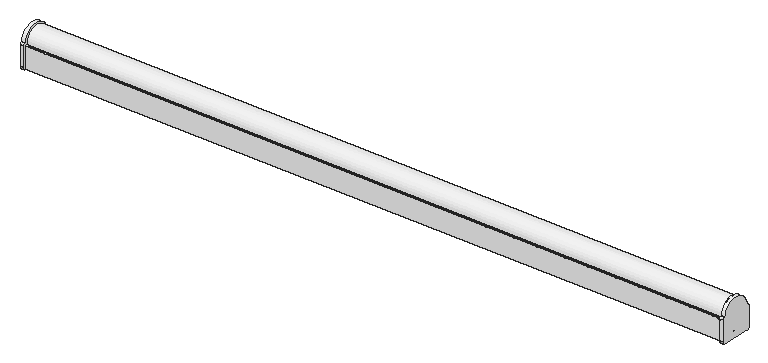
Revit family "0045199 Feilo Sylvania Lighting Fixture SYLBATTEN LED8 6000K DALI TP5 ", category Lighting Fixtures, host Face, Revit 2017
Family settings
  Host = Face
  Round Connector Dimension = Use Diameter
  Part Type = Normal
  OmniClass Number = 23.80.70.00
  OmniClass Title = Lighting
  Cut with Voids When Loaded = No
  Light Source = Yes
  Shared = No
  Room Calculation Point = No
Parameters (values of type "0045199 SYLBATTEN LED8 6000K DALI TP5")
  Width_FEILO = 66 mm
  Weight = "3.21 kg"
  Wattage Comments = "n/a"
  Wattage = 79 W
  WarrantyStartDate [instance] = "n/a"
  WarrantyGuarantorParts = "n/a"
  WarrantyDurationUnit = "n/a"
  WarrantyDurationParts = "n/a"
  WarrantyDescription = "n/a"
  built-in parameter 1150110 = 1 (stored number, unit not read)
  Voltage = 230 V
  URL = "http://www.sylvania-lighting.com"
  TypeName = "SYLBATTEN LED8 6000K DALI TP5"
  Type Image = <None>
  Type Comments = "n/a"
  built-in parameter 1114217 = 1 (stored number, unit not read)
  Tilt Angle = -90.00°
  built-in parameter 1150109 = 1 (stored number, unit not read)
  built-in parameter 1150134 = 5
  SymReflector_FEILO = no
  built-in parameter 1150113 = 1 (stored number, unit not read)
  SerialNumber [instance] = "n/a"
  PowerFactor = 0
  PowerConsumption = "79 W"
  Photometric Web File = "0045199.ies"
  NominalLength = 1505 mm
  NominalHeight = 76 mm
  NominalDepth = 66 mm
  Name = "SYLBATTEN LED8 6000K DALI TP5"
  ModelReference = Name  # "SYLBATTEN LED8 6000K DALI TP5"
  ModelNumber = "0045199"
  Model = Name  # "SYLBATTEN LED8 6000K DALI TP5"
  Material_4_FEILO = Reflector-Sylvania-Sylbatten-White
  Material_3_FEILO = Diffuser-Sylvania-Sylbatten-Glow
  Material_2_FEILO = Body-Sylvania-Sylbatten-White
  Material_1_FEILO = Body-Sylvania-Sylbatten-White
  Material = "sheet steel housing, polycarbonate diffuser"
  ManufacturerName = "Feilo Sylvania"
  Manufacturer = "Feilo Sylvania"
  LuminousEfficacy = "110.4 lm/W"
  built-in parameter 1150105 = 694.23 (stored number, unit not read)
  Lumens = 8723.97 lm
  LuminaireType = ""
  built-in parameter 1150115 = 1 (stored number, unit not read)
  LightOutputRatio = "100"
  built-in parameter 1150137 = (empty or 0)
  built-in parameter 1150139 = (empty or 0)
  Length_FEILO = 1505 mm
  LampsType = Lamp  # "LED"
  LampNominalLuminous = "8724 lm"
  LampMacAdamStep = "n/a"
  LampColourTemperature = "6000 K"
  LampColourRenderingIndex = "80"
  built-in parameter 1150112 = 1 (stored number, unit not read)
  built-in parameter 1150114 = 1 (stored number, unit not read)
  Lamp = "LED"
  Keynote = "16500"
  InstallationDate [instance] = "n/a"
  InputVoltage = "220-240V~"
  InputNominalFrequency = "n/a"
  built-in parameter 1150132 = (empty or 0)
  built-in parameter 1150102 = (empty or 0)
  built-in parameter 1150107 = 6000 (stored number, unit not read)
  built-in parameter 1150138 = (empty or 0)
  IngressProtection = "IP20"
  ImpactProtectionIndex = "IK07"
  built-in parameter 1150106 = 6.9423 (stored number, unit not read)
  IfcExportType = "IfcLightFixtureType"
  IfcExportAs = "IfcLightFixtureType"
  Height_FEILO = 76 mm
  ExpectedLife = 50000
  Emit from Rectangle Width = Length_FEILO - 16 mm  # 1489 mm
  Emit from Rectangle Length = Width_FEILO - 40 mm  # 26 mm
  Emit Shape Visible in Rendering = no
  ElectricShockClassification = "Class I"
  built-in parameter 1150104 = 10.259 (stored number, unit not read)
  DurationUnit = "hours"
  DocumentationLiterature = "http://www.sylvania-lighting.com/product/en-int/products/0045199"
  DimmingControlOptions = "Dimmable"
  Dimming Lamp Color Temperature Shift = <None>
  Description = "LED batten, T8 replacement, ease of installation through 2 part push-in design of the housing (safety cable included), through wiring capability (TP5 = 5 core), sheet steel, 8724LM, 79W, 110lm/W, 6000K, drive current: 450mA, CRI 80, 138° wide beam angle, DALI dimmable, IP20, IK07, 50,000 hrs (L70), (LxWxH) 1505x66x76mm, 5 step MacAdam ellipse, 3.7kg, white RAL 9016, Class 1, 220-240V, energy class: A++, A+, A."
  Default Elevation = 1219.2 mm
  CreatedOn = "2/22/2018"
  CreatedBy = ""
  Cost = 0
  Color Filter = 16777215
  built-in parameter 1114216 [instance] = (empty or 0)
  ClassificationValue = "EF_70_80"
  ClassificationName = "Uniclass2015"
  CapOffset_FEILO = 2 mm
  BarCode [instance] = "n/a"
  built-in parameter 1114218 = 1 (stored number, unit not read)
  BackReflector_FEILO = and(not(AsymReflector_FEILO), SymReflector_FEILO)  # no
  built-in parameter 1150133 = 10 (stored number, unit not read)
  FrontReflector_FEILO = or(AsymReflector_FEILO, SymReflector_FEILO)  # no
  AsymReflector_FEILO = no
  AssetType = "Fixed"
  AssetIdentifier [instance] = "n/a"
  Assembly Code = "D5020200"
  Apparent Load = 79 VA
Reference planes
  plane 1 "Center (Front/Back)": y = 0
  plane 2: z = 0
  plane 3 "Center (Left/Right)": x = 0
  plane 4: x = 752.5
  plane 5: x = -752.5
  plane 6: y = 33
  plane 7: y = -33
  plane 8: z = 76
  plane 9: z = 47
  plane 10: y = -29
  plane 11: y = 29
  plane 12: z = 20
  plane 13: z = 74
  plane 14: y = -31
  plane 15: y = -27
  plane 16: y = 27
  plane 17: y = 31
  plane 18: z = 2
  plane 19: x = -744.5
  plane 20: x = 744.5
  plane 21: z = 49
  plane 22: y = 1
  plane 23: y = -1
  plane 24: z = 21
  plane 25: z = 19
  plane 26: y = -61
  plane 27: y = 61
  plane 28: y = -56
  plane 29: y = 56
  plane 30: z = 91
  plane 31: z = 88
Forms (mm)
  Extrusion 1, solid, material "Body-Sylvania-Sylbatten-White" <- "Material_2_FEILO"
    sketch origin (0, 0, 0) x (0, 1, 0) y (0, 0, 1)
      loop
        line (-31, 2) -> (31, 2) -> (31, 45)
        arc (31, 45) -> (30.414, 46.414) -> (29, 47) r 2
        line (29, 47) -> (27, 47)
        arc (27, 47) -> (0, 74) -> (-27, 47) r 27
        line (-27, 47) -> (-29, 47)
        arc (-29, 47) -> (-30.414, 46.414) -> (-31, 45) r 2
        line (-31, 45) -> (-31, 2)
    from -744.5 to 744.5
  Extrusion 2, solid, material "Body-Sylvania-Sylbatten-White" <- "Material_2_FEILO"
    sketch origin (752.5, 1524, 1219.2) x (0, 1, 0) y (0, 0, 1)
      loop
        arc (-1494, -1219.2) -> (-1491.879, -1218.321) -> (-1491, -1216.2) r 3
        line (-1491, -1216.2) -> (-1491, -1173.2)
        arc (-1491, -1173.2) -> (-1491.879, -1171.079) -> (-1494, -1170.2) r 3
        line (-1494, -1170.2) -> (-1495.069, -1170.2)
        arc (-1495.069, -1170.2) -> (-1524, -1143.2) -> (-1552.931, -1170.2) r 29
        line (-1552.931, -1170.2) -> (-1554, -1170.2)
        arc (-1554, -1170.2) -> (-1556.121, -1171.079) -> (-1557, -1173.2) r 3
        line (-1557, -1173.2) -> (-1557, -1216.2)
        arc (-1557, -1216.2) -> (-1556.121, -1218.321) -> (-1554, -1219.2) r 3
        line (-1554, -1219.2) -> (-1494, -1219.2)
      loop
        arc (-1525, -1189.25) -> (-1531.071, -1192.129) -> (-1533.95, -1198.2) r 10
        line (-1533.95, -1198.2) -> (-1532.944, -1198.2)
        arc (-1532.944, -1198.2) -> (-1530.364, -1192.836) -> (-1525, -1190.256) r 9
        line (-1525, -1190.256) -> (-1525, -1189.25)
      loop
        arc (-1523, -1190.256) -> (-1517.636, -1192.836) -> (-1515.056, -1198.2) r 9
        line (-1515.056, -1198.2) -> (-1514.05, -1198.2)
        arc (-1514.05, -1198.2) -> (-1516.929, -1192.129) -> (-1523, -1189.25) r 10
        line (-1523, -1189.25) -> (-1523, -1190.256)
      loop
        line (-1532.944, -1200.2) -> (-1533.95, -1200.2)
        arc (-1533.95, -1200.2) -> (-1531.071, -1206.271) -> (-1525, -1209.15) r 10
        line (-1525, -1209.15) -> (-1525, -1208.144)
        arc (-1525, -1208.144) -> (-1530.364, -1205.564) -> (-1532.944, -1200.2) r 9
      loop
        arc (-1515.056, -1200.2) -> (-1517.636, -1205.564) -> (-1523, -1208.144) r 9
        line (-1523, -1208.144) -> (-1523, -1209.15)
        arc (-1523, -1209.15) -> (-1516.929, -1206.271) -> (-1514.05, -1200.2) r 10
        line (-1514.05, -1200.2) -> (-1515.056, -1200.2)
    from 0 to -8
  Extrusion 3, solid, material "Body-Sylvania-Sylbatten-White" <- "Material_2_FEILO"
    sketch origin (-752.5, 1524, 1219.2) x (0, 1, 0) y (0, 0, 1)
      loop
        arc (-1495.069, -1170.2) -> (-1524, -1143.2) -> (-1552.931, -1170.2) r 29
        line (-1552.931, -1170.2) -> (-1554, -1170.2)
        arc (-1554, -1170.2) -> (-1556.121, -1171.079) -> (-1557, -1173.2) r 3
        line (-1557, -1173.2) -> (-1557, -1216.2)
        arc (-1557, -1216.2) -> (-1556.121, -1218.321) -> (-1554, -1219.2) r 3
        line (-1554, -1219.2) -> (-1494, -1219.2)
        arc (-1494, -1219.2) -> (-1491.879, -1218.321) -> (-1491, -1216.2) r 3
        line (-1491, -1216.2) -> (-1491, -1173.2)
        arc (-1491, -1173.2) -> (-1491.879, -1171.079) -> (-1494, -1170.2) r 3
        line (-1494, -1170.2) -> (-1495.069, -1170.2)
      loop
        line (-1533.95, -1198.2) -> (-1532.944, -1198.2)
        arc (-1532.944, -1198.2) -> (-1530.364, -1192.836) -> (-1525, -1190.256) r 9
        line (-1525, -1190.256) -> (-1525, -1189.25)
        arc (-1525, -1189.25) -> (-1531.071, -1192.129) -> (-1533.95, -1198.2) r 10
      loop
        line (-1523, -1189.25) -> (-1523, -1190.256)
        arc (-1523, -1190.256) -> (-1517.636, -1192.836) -> (-1515.056, -1198.2) r 9
        line (-1515.056, -1198.2) -> (-1514.05, -1198.2)
        arc (-1514.05, -1198.2) -> (-1516.929, -1192.129) -> (-1523, -1189.25) r 10
      loop
        line (-1514.05, -1200.2) -> (-1515.056, -1200.2)
        arc (-1515.056, -1200.2) -> (-1517.636, -1205.564) -> (-1523, -1208.144) r 9
        line (-1523, -1208.144) -> (-1523, -1209.15)
        arc (-1523, -1209.15) -> (-1516.929, -1206.271) -> (-1514.05, -1200.2) r 10
      loop
        line (-1525, -1209.15) -> (-1525, -1208.144)
        arc (-1525, -1208.144) -> (-1530.364, -1205.564) -> (-1532.944, -1200.2) r 9
        line (-1532.944, -1200.2) -> (-1533.95, -1200.2)
        arc (-1533.95, -1200.2) -> (-1531.071, -1206.271) -> (-1525, -1209.15) r 10
    from 0 to 8
  Extrusion 4, solid, material "Reflector-Sylvania-Sylbatten-White" <- "Material_4_FEILO", visible <- "FrontReflector_FEILO"
    sketch origin (0, 0, 0) x (0, 1, 0) y (0, 0, 1)
      loop
        line (-61.257, 88.429) -> (-60.743, 87.571) -> (-56.621, 90.044)
        arc (-56.621, 90.044) -> (-56.237, 90.099) -> (-55.929, 89.863) r 0.5
        line (-55.929, 89.863) -> (-31.435, 46.753) -> (-30.565, 47.247) -> (-55.312, 90.802)
        arc (-55.312, 90.802) -> (-55.928, 91.275) -> (-56.696, 91.165) r 1
        line (-56.696, 91.165) -> (-61.257, 88.429)
    from -744.5 to 744.5
  Extrusion 5, solid, material "Reflector-Sylvania-Sylbatten-White" <- "Material_4_FEILO", visible <- "BackReflector_FEILO"
    sketch origin (0, 0, 0) x (0, 1, 0) y (0, 0, 1)
      loop
        line (30.565, 47.247) -> (31.435, 46.753) -> (55.932, 89.868)
        arc (55.932, 89.868) -> (56.245, 90.112) -> (56.638, 90.062) r 0.518
        line (56.638, 90.062) -> (61.033, 87.565) -> (61.527, 88.435) -> (56.682, 91.188)
        arc (56.682, 91.188) -> (55.922, 91.282) -> (55.318, 90.812) r 1
        line (55.318, 90.812) -> (30.565, 47.247)
    from -744.5 to 744.5
Lines and regions (mm)
  reference lines
    curve 1: line (0, -61, 88) -> (0, -56, 91)
    curve 2: line (0, -56, 91) -> (0, -31, 47)
    curve 3: line (0, 31, 47) -> (0, 56, 91)
    curve 4: line (0, 56, 91) -> (0, 61.28, 88)
Dimensions and locks
  equal spacing: plane 5, plane 3 "Center (Left/Right)", plane 4
  equal spacing: plane 7, plane 1 "Center (Front/Back)", plane 6
  "Width_FEILO": plane 7 to plane 6
  "Length_FEILO": plane 5 to plane 4
  "Height_FEILO": plane 8 to plane 2
  locked: plane 9 to plane 8 at 29
  equal spacing: plane 10, plane 1 "Center (Front/Back)", plane 11
  locked: plane 7 to plane 10 at 4
  locked: plane 12 to plane 2 at 20
  "CapOffset_FEILO": plane 13 to plane 8
  "CapOffset_FEILO": plane 7 to plane 14
  "CapOffset_FEILO": plane 10 to plane 15
  "CapOffset_FEILO": plane 17 to plane 6
  "CapOffset_FEILO": plane 16 to plane 11
  "CapOffset_FEILO": plane 18 to plane 2
  locked: plane 14 to Extrusion 1 sketch curve at 2
  locked: Extrusion 1 sketch curve to plane 9 at 2  (x2)
  locked: plane 16 to Extrusion 1 sketch curve at 2
  equal spacing: plane 19, plane 3 "Center (Left/Right)", plane 20
  locked: plane 5 to plane 19 at 8
  "CapOffset_FEILO": plane 9 to plane 21
  locked: Extrusion 2 sketch curve to plane 2 at 47
  locked: Extrusion 1 sketch curve to plane 2 at 47
  locked: Extrusion 2 sketch curve to plane 2 at 3  (x2)
  locked: plane 7 to Extrusion 2 sketch curve at 3  (x2)
  locked: Extrusion 2 sketch curve to plane 6 at 3  (x2)
  locked: Extrusion 2 sketch curve to plane 21 at 3  (x2)
  equal spacing: plane 23, plane 1 "Center (Front/Back)", plane 22
  equal spacing: plane 25, plane 12, plane 24
  plane 30 to plane 31 to plane 2 = 3 mm locked, 88 mm locked
  plane 28 to plane 29 = 112 mm
  plane 26 to plane 27 = 122 mm
  aligned and locked: plane 2 to host face
  aligned and locked: level to host face
  aligned and locked: plane 18 to Extrusion 1 sketch curve
  aligned and locked: plane 14 to Extrusion 1 sketch curve
  aligned and locked: Extrusion 1 sketch curve to plane 9  (x2)
  aligned and locked: Extrusion 1 sketch curve to plane 17
  aligned and locked: plane 15 to Extrusion 1 sketch curve
  aligned and locked: plane 16 to Extrusion 1 sketch curve
  aligned and locked: plane 9 to Extrusion 1 sketch curve
  aligned and locked: plane 20 to Extrusion 1
  aligned and locked: level to Extrusion 2 sketch curve
  aligned and locked: Extrusion 2 sketch curve to plane 7
  aligned and locked: plane 21 to Extrusion 2 sketch curve
  aligned and locked: Extrusion 2 sketch curve to plane 21
  aligned and locked: plane 1 "Center (Front/Back)" to Extrusion 2 sketch curve  (x3)
  aligned and locked: Extrusion 2 to Extrusion 1
  aligned and locked: plane 4 to Extrusion 2
  aligned and locked: plane 12 to Extrusion 2 sketch curve  (x2)
  aligned and locked: Extrusion 2 sketch curve to plane 22
  aligned and locked: Extrusion 2 sketch curve to plane 23
  aligned and locked: Extrusion 2 sketch curve to plane 24
  aligned and locked: Extrusion 2 sketch curve to plane 25
  aligned and locked: plane 25 to Extrusion 2 sketch curve
  aligned and locked: plane 22 to Extrusion 2 sketch curve
  aligned and locked: plane 24 to Extrusion 2 sketch curve
  aligned and locked: plane 23 to Extrusion 2 sketch curve  (x2)
  aligned and locked: Extrusion 3 sketch curve to Extrusion 2  (x22)
  aligned and locked: Extrusion 3 to Extrusion 1
  aligned and locked: Extrusion 3 to plane 5
  aligned and locked: plane 19 to Extrusion 3
  aligned and locked: plane 31 to curve 1
  aligned and locked: plane 30 to curve 1
  aligned and locked: plane 14 to curve 2
  aligned and locked: plane 9 to curve 2
  aligned and locked: plane 17 to curve 3
  aligned and locked: plane 30 to curve 3
  aligned and locked: plane 31 to curve 4
  aligned and locked: Extrusion 4 sketch curve to curve 2
  aligned and locked: Extrusion 4 sketch curve to curve 1
  aligned and locked: Extrusion 4 to Extrusion 1
  aligned and locked: Extrusion 1 to Extrusion 4
  aligned and locked: imposter light to plane 1 "Center (Front/Back)"
  aligned and locked: imposter light to plane 3 "Center (Left/Right)"
  aligned and locked: imposter light to plane 13
  aligned and locked: Extrusion 5 sketch curve to curve 4
  aligned and locked: Extrusion 5 sketch curve to curve 3
  aligned and locked: Extrusion 1 to Extrusion 5
  aligned and locked: Extrusion 5 to Extrusion 1
Automatic sketch dimensions
  host sketch curve to host sketch curve = 2438.4 mm  (x2)
  Extrusion 2 sketch curve to Extrusion 2 sketch curve = 0 mm  (x14)
  Extrusion 2 sketch curve to plane 10 = 0.069 mm
  plane 23 to Extrusion 2 sketch curve = 8.95 mm
  Extrusion 2 sketch curve to Extrusion 2 sketch curve = 1.006 mm  (x4)
  Extrusion 2 sketch curve to plane 22 = 7.944 mm
  curve 1 to plane 26 = 0 mm
  curve 2 to plane 28 = 0 mm
  curve 4 to plane 29 = 0 mm
  plane 9 to curve 3 = 0 mm
  plane 26 to Extrusion 4 sketch curve = 0.257 mm
  Extrusion 4 sketch curve to plane 26 = 0.257 mm
  Extrusion 4 sketch curve to plane 30 = 0.165 mm
  plane 28 to Extrusion 4 sketch curve = 0.696 mm
  plane 28 to Extrusion 4 sketch curve = 0.621 mm
  plane 28 to Extrusion 4 sketch curve = 0.364 mm
  plane 28 to Extrusion 4 sketch curve = 0.182 mm
  Extrusion 4 sketch curve to plane 28 = 0.071 mm
  plane 30 to Extrusion 4 sketch curve = 0.198 mm
  Extrusion 4 sketch curve to plane 28 = 0.688 mm
  plane 9 to Extrusion 4 sketch curve = 0.247 mm
  plane 1 "Center (Front/Back)" to Extrusion 4 sketch curve = 31.435 mm
  Extrusion 5 sketch curve to plane 9 = 0.247 mm
  Extrusion 5 sketch curve to plane 1 "Center (Front/Back)" = 30.565 mm
  plane 9 to Extrusion 5 sketch curve = 0.247 mm
  plane 30 to Extrusion 5 sketch curve = 0.188 mm
  plane 29 to Extrusion 5 sketch curve = 0.068 mm
  Extrusion 5 sketch curve to plane 29 = 0.188 mm
  Extrusion 5 sketch curve to plane 29 = 0.382 mm
  Extrusion 5 sketch curve to Extrusion 5 sketch curve = 0.256 mm
  Extrusion 5 sketch curve to plane 30 = 0.188 mm
  Extrusion 5 sketch curve to plane 29 = 0.682 mm
  Extrusion 5 sketch curve to plane 27 = 0.033 mm
  Extrusion 5 sketch curve to plane 27 = 0.527 mm
Connectors
  electrical at (0, 0, 0), driven by "Apparent Load", driven by "PowerFactor", driven by "Voltage"
    settings: index 1, voltage 230 V, apparent load 79 VA, apparent load phase1 0 VA, apparent load phase2 0 VA, apparent load phase3 0 VA, power factor 0, load classification "Lighting", number of poles 1, system type 30, power factor state 1, is connector primary yes, connector utility no, sub classification motor no, connector description ""
